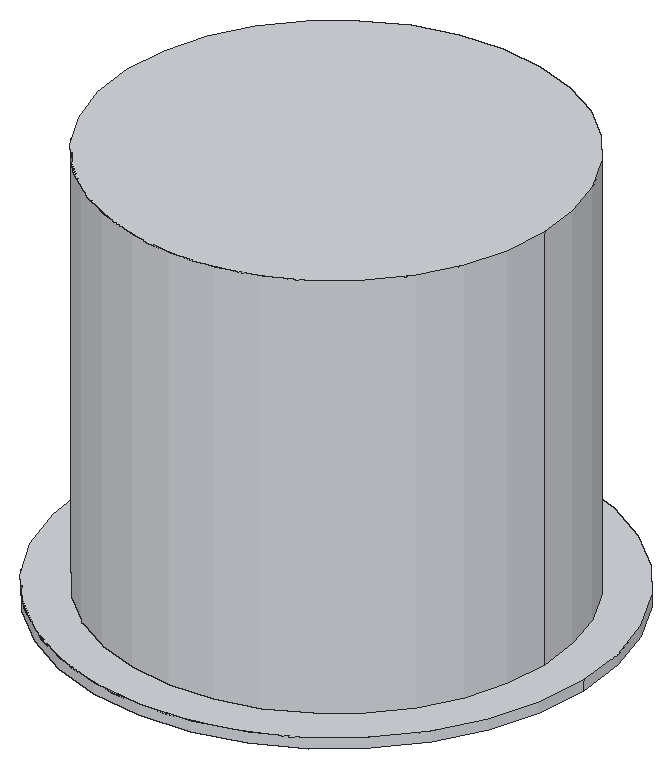
Revit family "ARTIS 4 RD", category Lighting Fixtures, host Ceiling, Revit 2017
Family settings
  Host = Ceiling
  Round Connector Dimension = Use Diameter
  Part Type = Normal
  OmniClass Number = 23.80.70.11
  OmniClass Title = Luminaries for Internal Lighting
  Always vertical = Yes
  Cut with Voids When Loaded = No
  Light Source = Yes
  Shared = No
  Room Calculation Point = No
Parameters (values of type "Type 1")
  Wattage = 9.2903 W
  built-in parameter 1150110 = 1 (stored number, unit not read)
  built-in parameter 1114217 = 1 (stored number, unit not read)
  Tilt Angle = 90.00°
  built-in parameter 1150109 = 1 (stored number, unit not read)
  built-in parameter 1150134 = (empty or 0)
  built-in parameter 1150113 = 1 (stored number, unit not read)
  Photometric Web File = "ELR100P 35D.IES"
  Lumens = 1380 lm
  built-in parameter 1150115 = 1 (stored number, unit not read)
  built-in parameter 1150105 = 109.82 (stored number, unit not read)
  built-in parameter 1150137 = (empty or 0)
  built-in parameter 1150139 = (empty or 0)
  built-in parameter 1150112 = 1 (stored number, unit not read)
  built-in parameter 1150114 = 1 (stored number, unit not read)
  built-in parameter 1150132 = 2
  built-in parameter 1150102 = (empty or 0)
  built-in parameter 1150138 = (empty or 0)
  built-in parameter 1150107 = 3000 (stored number, unit not read)
  built-in parameter 1150106 = 1.0982 (stored number, unit not read)
  built-in parameter 1150104 = 13.8 (stored number, unit not read)
  Dimming Lamp Color Temperature Shift = <None>
  Color Filter = 16777215
  built-in parameter 1114218 = 1 (stored number, unit not read)
  built-in parameter 1150133 = 10 (stored number, unit not read)
Reference planes
  plane 1 "Light Source Axis (F/B)": y = 0
  plane 2: z = 0
  plane 3 "Light Source Axis (L/R)": x = 0
  plane 4 "Ceiling": z = 4000
  plane 5 "Light Source Elevation": z = 4000
Forms (mm)
  Extrusion 1, solid
    sketch origin (0, 0, 4000) x (0, 1, 0) y (-1, 0, 0)
      loop
        circle (0, 0) r 77.208
      loop
        circle (0, 0) r 62.199
    from 0 to -3
  Extrusion 2, solid
    sketch origin (0, 0, 4000) x (0, 1, 0) y (-1, 0, 0)
      loop
        circle (0, 0) r 65
    from 0 to 121
  Extrusion 3, solid, material "Glass, Frosted"
    sketch origin (0, 0, 4000) x (0, 1, 0) y (-1, 0, 0)
      loop
        circle (0, 0) r 62.199
    from 0 to -3
Lines and regions (mm)
  Opening 1
    outline origin (0, 0, 4000) x (1, 0, 0) y (0, 1, 0)
      loop
        circle (0, 0) r 77.208
Dimensions and locks
  equal spacing: host sketch curve, plane 3 "Light Source Axis (L/R)", host sketch curve
  equal spacing: host sketch curve, plane 1 "Light Source Axis (F/B)", host sketch curve
  host sketch curve to host sketch curve = 4000.00 mm  (x2)
  plane 4 "Ceiling" to host ceiling = 0.00 mm
  imposter light to Extrusion 2 = 121.00 mm
  aligned and locked: plane 3 "Light Source Axis (L/R)" to imposter light
  aligned and locked: plane 1 "Light Source Axis (F/B)" to imposter light
  aligned and locked: plane 5 "Light Source Elevation" to imposter light
